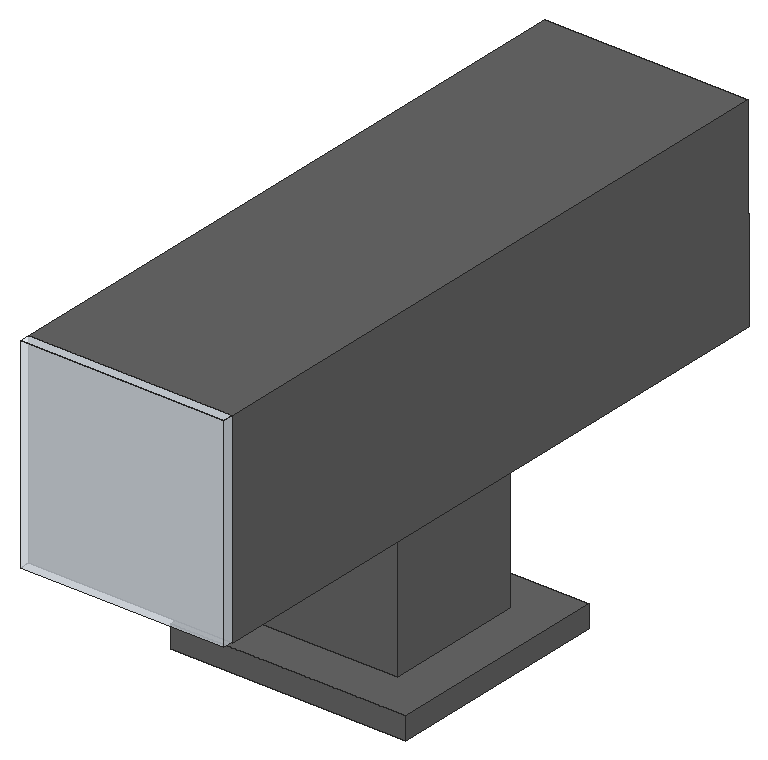
Revit family "LTC-3SQD-W", category Lighting Fixtures, host Face, Revit 2021
Family settings
  Host = Face
  Round Connector Dimension = Use Diameter
  Part Type = Normal
  OmniClass Number = 23.80.70.11.14.11
  OmniClass Title = Downlights
  Cut with Voids When Loaded = No
  Light Source = Yes
  Shared = No
  Room Calculation Point = No
Parameters (values of type "LTC-3SQD-W")
  Wattage Comments = "8-25W"  # constant formula
  Wattage = 70 W
  Warranty = " 5 years warranty"  # constant formula
  built-in parameter 1150110 = 1 (stored number, unit not read)
  Voltage = 120 V
  built-in parameter 1114217 = 1 (stored number, unit not read)
  Tilt Angle = -90.00°  # constant formula
  built-in parameter 1150109 = 1 (stored number, unit not read)
  built-in parameter 1150134 = 3
  built-in parameter 1150113 = 1 (stored number, unit not read)
  Photometric Web File = "LTC-3SQD-P-20L35K8MD-DM1-S-BL.ies"
  Features = "•\t3inch architectural LED square downlight and wall wash cylinder delivering 600 - 2000 lm\r\n•\t4 beam distributions from 0.6 to 1.2 Spacing Criteria\r\n•\tQuiet reflector appearance with 50º optical cutoff\r\n•\t2700K - 5000K, 80+ and 90+ CRI options\r\n•\tAvailable in Surface, Wall, Pendant, or Cord Mount configurations\r\n•\tVariety of dimming protocol options including 0-10V, DALI, DMX, Forward Phase and EcoSystem\r\n•\tNX Distributed Intelligence™ wired and wireless controls capability available\r\n•\t2 SDCM color consistency\r\n•\tLong life L90 at 55,000 hrs (TM-21)\r\n•\tFive year warranty\r\n\r\n"  # constant formula
  built-in parameter 1150105 = -12994800 (stored number, unit not read)
  Lumens = 4900 lm
  built-in parameter 1150115 = 1 (stored number, unit not read)
  built-in parameter 1150137 = (empty or 0)
  built-in parameter 1150139 = (empty or 0)
  built-in parameter 1150112 = 1 (stored number, unit not read)
  built-in parameter 1150114 = 1 (stored number, unit not read)
  built-in parameter 1150132 = (empty or 0)
  built-in parameter 1150102 = (empty or 0)
  built-in parameter 1150107 = 3200 (stored number, unit not read)
  built-in parameter 1150138 = (empty or 0)
  built-in parameter 1150106 = -129948 (stored number, unit not read)
  Emit from Rectangle Width = 4.000"  # constant formula
  Emit from Rectangle Length = 4.000"  # constant formula
  Emit Shape Visible in Rendering = no
  built-in parameter 1150104 = 6.5032 (stored number, unit not read)
  Dimming Lamp Color Temperature Shift = <None>
  Copyright = "Prescolite"  # constant formula
  Contact us = ""
  Color Filter = 16777215
  Certifications = "• cCSAus certified to UL 1598\r\n• Wall Mount: Suitable for wet locations\r\n• Surface & Pendant Mount: Suitable for wet\r\nlocations under covered ceiling\r\n• Cord Mount and all Wall Wash: Suitable for\r\ndamp locations"  # constant formula
  built-in parameter 1114218 = 1 (stored number, unit not read)
  Ballast = Paint - Carbon Black
  URL = "https://www.currentlighting.com/prescolite"
  Product Page URL = ""
  Product Documentation Link = ""
  Model = "LTC-3SQD"  # constant formula
  Manufacturer = "Prescolite"  # constant formula
  Lamp = "LED Lamp"
  Reflector = Glass - Glass
  Description = "LITEISTRY™ 3inch Square Cylinder "  # constant formula
  Default Elevation = 48.000"
  Backbox = Matt Black
  built-in parameter 1150133 = 10 (stored number, unit not read)
  Apparent Load = 72 VA  # constant formula
Reference planes (in)
  plane 1 "Center (Front/Back)": y = 0
  plane 2: z = 0
  plane 3 "Center (Left/Right)": x = 0
  plane 4: x = -1
  plane 5: y = 1
  plane 6: x = 1
  plane 7: y = -1
  plane 8: y = 7
  plane 9: y = -7
  plane 10: y = -2.25
  plane 11: y = 2.25
  plane 12: z = 3.25714
Forms (in)
  Sweep 1, solid, material "Matt Black" <- "Backbox"
    path origin (5.35334, -0.10203, -0.08036) x (1, 0, 0) y (0, 1, 0)
      loop
        line (-7.61401, 2.28999) -> (-7.61401, -2.21001) -> (-2.98901, -2.21001) -> (-2.98901, 2.28999) -> (-7.61401, 2.28999)
    profile origin (0.05183, 2.18797, -0.08036) x (0, 1, 0) y (0, 0, 1)
      loop
        line (0, 0.4375) -> (-0.86619, 0.4375) -> (-0.86619, 3.97391) -> (-0.96619, 3.97391) -> (-0.96619, 0.3375) -> (-0.1, 0.3375) -> (-0.1, 0) -> (0, 0) -> (0, 0.4375)
Dimensions and locks (in)
  plane 4 to plane 3 "Center (Left/Right)" to plane 6 = 1.000" locked, 1.000" locked
  plane 5 to plane 1 "Center (Front/Back)" to plane 7 = 1.000" locked, 1.000" locked
  locked: Sweep 1 sketch curve to Sweep 1 sketch curve at 3.63641
  locked: Sweep 1 sketch curve to Sweep 1 sketch curve at 0.96619
  locked: Sweep 1 sketch curve to Sweep 1 sketch curve at 0.1  (x2)
  aligned and locked: plane 2 to host face
  aligned and locked: plane 3 "Center (Left/Right)" to imposter light
Nested families (in)
  nested 1: "LTC" at (0, 0.10365, 0.25) x (0, -1, 0) z (0, 0, 1), Ballast <- "Ballast", Reflector <- "Reflector", type "6"
    with Reflector Glass - Glass, Ballast Paint - Carbon Black
Connectors (in)
  electrical at (0, 0, 0), driven by "Description", driven by "Voltage", driven by "Apparent Load"
    settings: index 1, voltage 120 V, apparent load 72 VA, apparent load phase1 0 VA, apparent load phase2 0 VA, apparent load phase3 0 VA, power factor 1, load classification "Other", number of poles 1, system type 30, power factor state 1, is connector primary yes, connector utility no, sub classification motor no, connector description "LITEISTRY™ 3inch Square Cylinder "
Definition of nested family "LTC"
  Parameters
    Width = 12.89844"
    Wattage Comments = ""
    Lamp = ""
    Ballast [instance] = none
    URL = ""
    Product Page URL = ""
    Product Documentation Link = ""
    Model = ""
    Manufacturer Phone = ""
    Manufacturer Fax = ""
    Manufacturer = "Prescolite"
    Reflector [instance] = none
    Description = ""
    Default Elevation = 48.000"
  Reference planes (in)
    plane 1 "Center (Front/Back)": y = 0
    plane 2: z = 0
    plane 3 "Center (Left/Right)": x = 0
    plane 4: y = 7.75
    plane 5: y = -7.75
    plane 6: x = -6.44922
    plane 7: x = 6.44922
    plane 8: x = 6.22865
    plane 9: x = -7.64635
    plane 10: z = 6.9
    plane 11: x = 6.10365
  Forms (in)
    Extrusion 1, solid
      sketch origin (0, 0, 0) x (1, 0, 0) y (0, 1, 0)
        loop
          line (-48, 48) -> (-48, -48) -> (48, -48) -> (48, 48) -> (-48, 48)
      from 0 to -6
    Extrusion 2, solid, material <- "Reflector"
      sketch origin (22.47865, 0, 7.77135) x (0, 0, -1) y (0, 1, 0)
        loop
          line (0.82643, 2) -> (0.82643, -2) -> (4.82643, -2) -> (4.82643, 2) -> (0.82643, 2)
      from -16.02943 to -16.25
    Extrusion 3, solid, material <- "Ballast"
      sketch origin (0, 0, 0) x (0, 1, 0) y (0, 0, 1)
        loop
          line (2, 6.94492) -> (-2, 6.94492) -> (-2, 2.94492) -> (2, 2.94492) -> (2, 6.94492)
      from -6.44922 to 6.22865
  Dimensions and locks (in)
    locked: plane 4 to plane 1 "Center (Front/Back)" at 7.75
    locked: plane 5 to plane 1 "Center (Front/Back)" at 7.75
    "Width": plane 7 to plane 6
    equal spacing: plane 7, plane 3 "Center (Left/Right)", plane 6
    locked: plane 8 to plane 11 at 0.125
    aligned and locked: plane 2 to Extrusion 1
    aligned and locked: plane 7 to Extrusion 2
    aligned and locked: Extrusion 2 to plane 8
  Automatic sketch dimensions
    Extrusion 1 sketch curve to Extrusion 1 sketch curve = 96.000"  (x2)
    Extrusion 3 sketch curve to plane 10 = 0.04492"
    plane 1 "Center (Front/Back)" to Extrusion 3 sketch curve = 2.000"
    Extrusion 3 sketch curve to plane 1 "Center (Front/Back)" = 2.000"
    level to Extrusion 3 sketch curve = 2.94492"
    Extrusion 2 sketch curve to plane 10 = 0.04492"
    level to Extrusion 2 sketch curve = 2.94492"
    plane 1 "Center (Front/Back)" to Extrusion 2 sketch curve = 2.000"
    Extrusion 2 sketch curve to plane 1 "Center (Front/Back)" = 2.000"
